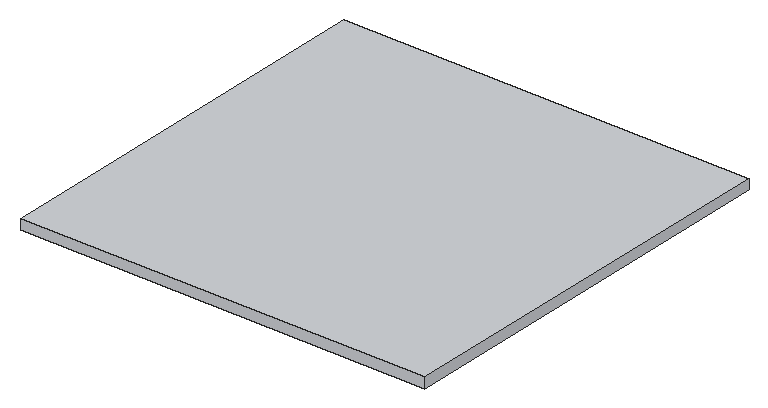
Revit family "79215", category Aparatos sanitarios, Revit 2017
Family settings
  Anfitrión = Cara
  Cota de conector redondo = Diámetro de uso
  Tipo de pieza = Normal
  Número OmniClass = 23.45.55.14
  Título OmniClass = Single Faucets
  Corte con vacíos al cargar = No
  Compartido = No
  Punto de cálculo de habitación = No
Parameters (values of type "79215")
  URL = "http://www.griferiasgalindo.com"
  Teléfono = "(+34) 915 782 575"
  TIPO DE AGUA = "Fria"
  REFERENCIA = "79215"
  Presión Máxima = "Max. 8 bar"
  PESO BRUTO = "1,500 Kg"
  Modelo = "PRESTO DOMO SENSIA - P con Pila CR-P2 Negro"
  Material = LATON CROMADO
  Imagen de tipo = <Ninguno>
  Fabricante = "PRESTO IBÉRICA"
  Default Elevation = 1219.2 mm
  ENTRADA = "Macho 1/2\""
  Descripción = "Grifo eléctronico para lavabo de un agua para instalación mural."
  Código de montaje = "C1030220"
  Contacto = "info@prestoiberica.com"
  Conexión AF = yes
  Conexión AC = no
  Comentarios de tipo = "Ahorro de agua y energia. Componentes integrados. Conexiones internas estancas. Suministrador con caja para empotrar. Cierre automático de electroválvula en caso de fallo de alimentación eléctrica. Aireador \"Flowing Ecosystems\". Aclarado automático c/24h. Pack de pila CR-P2 estanco. Temperatura máxima 70ºC"
  CIERRE = "Automático en 120 seg."
  CAUDAL = "6 l/min."
  Accionamiento = "Manual"
Reference planes
  plane 1 "Centro (Frontal/Posterior)": y = 0
  plane 2: z = 0
  plane 3 "Centro (Izquierda/Derecha)": x = 0
Forms (mm)
  Extrusion 1, solid
    sketch origin (0, 0, 0) x (1, 0, 0) y (0, 1, 0)
      loop
        line (-100, 100) -> (-100, -100) -> (100, -100) -> (100, 100) -> (-100, 100)
    from 0 to -5
Dimensions and locks
  Extrusion 1 sketch curve to plane 1 "Centro (Frontal/Posterior)" = 100 mm
  aligned and locked: plane 2 to Extrusion 1
  aligned and locked: level to Extrusion 1
Connectors
  piping at (0, -43.5, -62.5), diameter 12.7
    settings: on import instance, index 1, connector inside diameter 609.6 mm, connector length 0 mm, flow factor 0, pipe flow 0.0 L/s, pressure drop 0.0 Pa, fitting loss kfactor 0, connector angle 0.00°, fixture units 0, engagement length 0 mm, angle of deflection 0.00°, flow configuration 0, flow direction 1, fitting loss method 0, system type 20, joint type 0, gender type 0, connector reference index -1, connector utility 0, adjustable connector no, is connector primary yes, connector description ""
